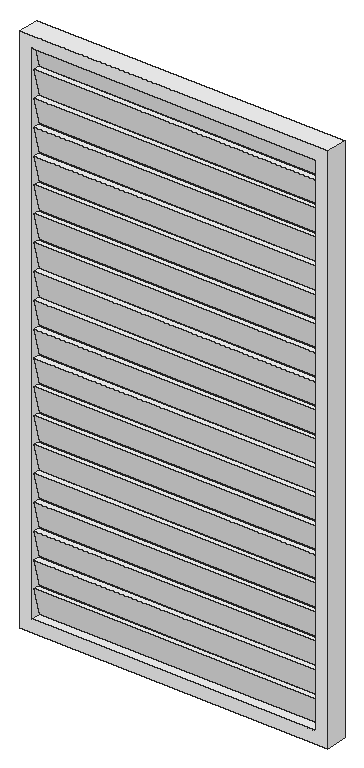
Revit family "WLV_A3-2070x574-Louvre", category Windows, host Wall, Revit 2016
Family settings
  Host = Wall
  Always vertical = Yes
  Cut with Voids When Loaded = No
  Shared = No
  Room Calculation Point = No
Parameters (values of type "1190 x 1190 Louvre")
  Lovre Height Half = Frame Width * 2  # 100 mm
  Louvre Width = 100 mm  # constant formula
  Louvre Finish = Default Louvre
  Louvre Angle = 15.00°
  Inside Width = Width - (45 mm * 2)  # 1100 mm
  Inside Height = Height - (45 mm * 2)  # 1100 mm
  Inset = 115 mm
  Height = 1190 mm
  Head Height = 2125 mm
  Frame Width = Louvre Width / 2  # 50 mm
  Frame Finish = Default Frame
  Default Sill Height = 800 mm
  Wall Closure = By host
  Width = 1190 mm
  Assembly Code = ""
  Array = Inside Height / Louvre Width  # 11
Reference planes
  plane 1: y = 0
  plane 2 "Center (Left/Right)": x = 0
  plane 3 "Left": x = -595
  plane 4 "Right": x = 595
  plane 5 "Sill": z = 935
  plane 6 "Head": z = 2125
  plane 7 "Exterior": y = 115
  plane 8 "Interior": y = -115
  plane 9 "Inset": y = 0
  plane 10: z = 1035
  plane 11: z = 2025
Forms (mm)
  Sweep 1, solid, material "Default Frame" <- "Frame Finish"
    path origin (0, 0, 0) x (-1, 0, 0) y (0, 0, 1)
      loop
        line (-595, 935) -> (595, 935) -> (595, 3005) -> (-595, 3005) -> (-595, 935)
    profile "Profile Rectangle : Profile Rectangle" origin (0, 0, 935) x (0, 0, 1) y (0, 1, 0)
      loop
        line (0, -40) -> (45, -40) -> (45, 40) -> (0, 40) -> (0, -40)
Lines and regions (mm)
  Opening 1
    outline origin (3500, -115, 0) x (1, 0, 0) y (0, 0, 1)
      loop
        line (-2905, 935) -> (-2905, 3005) -> (-4095, 3005) -> (-4095, 935) -> (-2905, 935)
Text (mm)
  text "EXTERIOR" at (-1963.203, 1332.353, 0), in view "Ref. Level"
  text "INTERIOR" at (-1981.466, -818.386, 0), in view "Ref. Level"
  text "Exterior" at (0, 923.751, 2943.296), in view "Right"
  text "Exterior" at (0, 1040.484, 2685.409), in view "Left"
Dimensions and locks
  equal spacing: plane 3 "Left", plane 2 "Center (Left/Right)", plane 4 "Right"
  "Width": plane 3 "Left" to plane 4 "Right"
  plane 5 "Sill" to Sweep 1 = 2070 mm
  "Head Height": plane 6 "Head" to level
  locked: plane 7 "Exterior" to host wall at 0
  locked: plane 8 "Interior" to host wall
  "Inset": plane 9 "Inset" to plane 7 "Exterior"
  "Lovre Height Half": plane 5 "Sill" to plane 10
  "Lovre Height Half": plane 11 to plane 6 "Head"
  level to Sweep 1 = 935 mm
  equal spacing: group 1, group 2, group 3, group 4, group 5, group 6, group 7, group 8, group 9, group 10, group 11, group 12, group 13, group 14, group 15, group 16, group 17, group 18, group 19  (x3)
  group 19 to group 20 = 0 mm  (x2)
  group 19 to group 20 = 100 mm
  aligned and locked: nested 1 to plane 10
  aligned and locked: nested 1 to plane 9 "Inset"
  aligned and locked: plane 2 "Center (Left/Right)" to nested 1
Automatic sketch dimensions
  Sweep 1 sketch curve to plane 4 "Right" = 0 mm
  Sweep 1 sketch curve to plane 3 "Left" = 0 mm
  Sweep 1 sketch curve to plane 5 "Sill" = 0 mm
  Sweep 1 sketch curve to plane 6 "Head" = 880 mm
  Opening 1 sketch curve to plane 3 "Left" = 0 mm
  Opening 1 sketch curve to plane 4 "Right" = 0 mm
  Opening 1 sketch curve to plane 5 "Sill" = 0 mm
  Opening 1 sketch curve to plane 6 "Head" = 880 mm
Nested families
  nested 1: "Louvre Component" at (0, 0, 985), type "100mm Louvre"
    with Width Inside 1100 mm
  nested 2: "Louvre Component" at (0, 0, 1085), type "100mm Louvre"
    with Width Inside 1100 mm
  nested 3: "Louvre Component" at (0, 0, 1185), type "100mm Louvre"
    with Width Inside 1100 mm
  nested 4: "Louvre Component" at (0, 0, 1285), type "100mm Louvre"
    with Width Inside 1100 mm
  nested 5: "Louvre Component" at (0, 0, 1385), type "100mm Louvre"
    with Width Inside 1100 mm
  nested 6: "Louvre Component" at (0, 0, 1485), type "100mm Louvre"
    with Width Inside 1100 mm
  nested 7: "Louvre Component" at (0, 0, 1585), type "100mm Louvre"
    with Width Inside 1100 mm
  nested 8: "Louvre Component" at (0, 0, 1685), type "100mm Louvre"
    with Width Inside 1100 mm
  nested 9: "Louvre Component" at (0, 0, 1785), type "100mm Louvre"
    with Width Inside 1100 mm
  nested 10: "Louvre Component" at (0, 0, 1885), type "100mm Louvre"
    with Width Inside 1100 mm
  nested 11: "Louvre Component" at (0, 0, 1985), type "100mm Louvre"
    with Width Inside 1100 mm
  nested 12: "Louvre Component" at (0, 0, 2085), type "100mm Louvre"
    with Width Inside 1100 mm
  nested 13: "Louvre Component" at (0, 0, 2185), type "100mm Louvre"
    with Width Inside 1100 mm
  nested 14: "Louvre Component" at (0, 0, 2285), type "100mm Louvre"
    with Width Inside 1100 mm
  nested 15: "Louvre Component" at (0, 0, 2385), type "100mm Louvre"
    with Width Inside 1100 mm
  nested 16: "Louvre Component" at (0, 0, 2485), type "100mm Louvre"
    with Width Inside 1100 mm
  nested 17: "Louvre Component" at (0, 0, 2585), type "100mm Louvre"
    with Width Inside 1100 mm
  nested 18: "Louvre Component" at (0, 0, 2685), type "100mm Louvre"
    with Width Inside 1100 mm
  nested 19: "Louvre Component" at (0, 0, 2785), type "100mm Louvre"
    with Width Inside 1100 mm
  nested 20: "Louvre Component" at (0, 0, 2885), type "100mm Louvre"
    with Width Inside 1100 mm
Definition of nested family "Louvre Component"
  Parameters
    Width Inside = 1040 mm
    Louvre Size = 100 mm
    Louvre Finish = none
    Louvre Angle = 15.00°
    Louvre Width = 20 mm
    Frame Size = 45 mm
    Assembly Code = ""
  Reference planes
    plane 1 "Center (Front/Back)": y = 0
    plane 2: z = 50
    plane 3 "Center (Left/Right)": x = 0
    plane 4: x = -520
    plane 5: x = 520
    plane 6: x = 565
    plane 7: x = -565
    plane 8: z = 100
    plane 9: z = 0
  Forms (mm)
    Extrusion 1, solid, material <- "Louvre Finish"
      sketch origin (0, 0, 0) x (0, 1, 0) y (0, 0, 1)
        loop
          line (-13.397, 100) -> (-34.103, 100) -> (-7.308, 0) -> (13.397, 0) -> (-13.397, 100)
      from -520 to 520
  Lines and regions (mm)
    reference lines
      curve 1: line (0, 0, 50) -> (0, -158.356, 640.993)
    symbolic lines
      curve 2: line (0, 140, 50) -> (0, -120, 50)
  Dimensions and locks
    equal spacing: plane 4, plane 3 "Center (Left/Right)", plane 5
    "Width Inside": plane 4 to plane 5
    "Frame Size": plane 7 to plane 4
    "Frame Size": plane 5 to plane 6
    equal spacing: plane 8, plane 2, plane 9
    "Louvre Size": plane 8 to plane 9
    "Louvre Width": Extrusion 1 sketch curve to curve 1
    "Louvre Angle": angle curve 1 to plane 1 "Center (Front/Back)"
    aligned and locked: Extrusion 1 sketch curve to curve 1
    aligned and locked: plane 5 to Extrusion 1
    aligned and locked: Extrusion 1 to plane 4
    aligned: plane 2 to curve 2
  Automatic sketch dimensions
    curve 1 to plane 1 "Center (Front/Back)" = 0 mm
    curve 1 to plane 2 = 0 mm
    Extrusion 1 sketch curve to plane 9 = 0 mm
    Extrusion 1 sketch curve to plane 8 = 0 mm
    curve 2 to plane 2 = 0 mm
    plane 1 "Center (Front/Back)" to curve 2 = 120 mm
    curve 2 to plane 1 "Center (Front/Back)" = 140 mm
